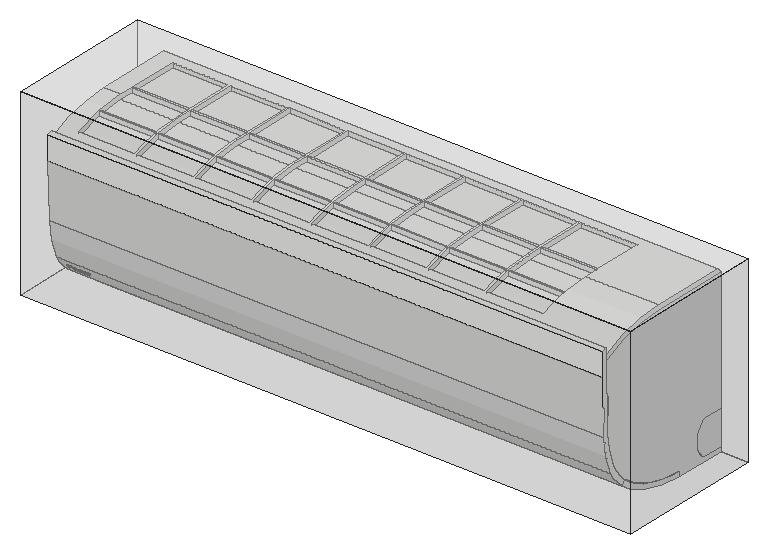
Revit family "outputfile", category 機械設備, Revit 2024
Family settings
  丸型コネクタ寸法 = 半径を使用
  パーツ タイプ = 標準
  OmniClass 番号 = 23.75.10.24.21.27.27
  OmniClass タイトル = Split System Air Conditioning Units
  作業面ベース = いいえ
  常に垂直 = はい
  ロード時にボイドで切り取り = いいえ
  注釈の向きを維持 = いいえ
  共有 = いいえ
  部屋計算ポイント = いいえ
Parameters (values of type "FTXF71W2VMA")
  Description = ""
  書き出し IFC クラス(タイプ) = "IfcUnitaryEquipmentType"
  定義済み IFC タイプ(タイプ) = "AIRCONDITIONINGUNIT"
  Cost = 0
  Type Comments = ""
  Keynote = ""
  Type Image = (empty or 0)
  Assembly Code = ""
  w_wall hole = if(Width = 770.0 mm, 48.0 mm, 60.0 mm)  # 60.0 mm
  製造元 = "Daikin"
  モデル = "FTXF71W2VMA"
  switch_frequency = yes
  r_Liquid Pipe Size = Liquid Pipe Size / 2  # 3.2 mm
  r_Gas Pipe Size = Gas Pipe Size / 2  # 6.35 mm
  r_Drain Pipe Size = Drain Pipe Size / 2  # 8.0 mm
  lw_powersupply [instance] = if(Width = 770.0 mm, if(or(Rear Right Connection_refrigerant, Bottom Right Connection_refrigerant), 25.0 mm, if(or(Rear Left Connection_refrigerant, Bottom Left Connection_refrigerant), 745.0 mm, 400.0 mm)), if(Width = 990.0 mm, if(or(Rear Right Connection_refrigerant, Bottom Right Connection_refrigerant), 40.0 mm, if(or(Rear Left Connection_refrigerant, Bottom Left Connection_refrigerant), 920.0 mm, 400.0 mm)), if(or(Rear Right Connection_refrigerant, Bottom Right Connection_refrigerant), 40.0 mm, if(or(Rear Left Connection_refrigerant, Bottom Left Connection_refrigerant), 920.0 mm, 400.0 mm))))  # 400.0 mm
  lw_liquidpipe [instance] = if(Width = 770.0 mm, if(or(Rear Right Connection_refrigerant, Bottom Right Connection_refrigerant), 0.0 mm, if(or(Rear Left Connection_refrigerant, Bottom Left Connection_refrigerant), 664.0 mm, 385.0 mm)), if(Width = 990.0 mm, if(or(Rear Right Connection_refrigerant, Bottom Right Connection_refrigerant), 0.0 mm, if(or(Rear Left Connection_refrigerant, Bottom Left Connection_refrigerant), 664.0 mm + (990.0 mm - 770.0 mm), 475.0 mm)), if(or(Rear Right Connection_refrigerant, Bottom Right Connection_refrigerant), 0.0 mm, if(or(Rear Left Connection_refrigerant, Bottom Left Connection_refrigerant), 664.0 mm + (990.0 mm - 770.0 mm), 475.0 mm))))  # 475.0 mm
  lw_gaspipe [instance] = if(Width = 770.0 mm, if(or(Rear Right Connection_refrigerant, Bottom Right Connection_refrigerant), 0.0 mm, if(or(Rear Left Connection_refrigerant, Bottom Left Connection_refrigerant), 675.0 mm, if(Gas Pipe Size = 12.7 mm, 335.0 mm, 335.0 mm))), if(Width = 990.0 mm, if(or(Rear Right Connection_refrigerant, Bottom Right Connection_refrigerant), 10.0 mm, if(or(Rear Left Connection_refrigerant, Bottom Left Connection_refrigerant), 890.0 mm, if(Gas Pipe Size = 15.9 mm, 400.0 mm, 400.0 mm))), if(or(Rear Right Connection_refrigerant, Bottom Right Connection_refrigerant), 10.0 mm, if(or(Rear Left Connection_refrigerant, Bottom Left Connection_refrigerant), 890.0 mm, if(Gas Pipe Size = 15.9 mm, 400.0 mm, 400.0 mm)))))  # 400.0 mm
  lw_drainpipe [instance] = if(Width = 770.0 mm, if(or(Rear Right Connection_refrigerant, Bottom Right Connection_refrigerant), 0.0 mm, if(or(Rear Left Connection_refrigerant, Bottom Left Connection_refrigerant), 770.0 mm - 48.0 mm - 48.0 mm, 440.0 mm)), if(Width = 990.0 mm, if(or(Rear Right Connection_refrigerant, Bottom Right Connection_refrigerant), 0.0 mm, if(or(Rear Left Connection_refrigerant, Bottom Left Connection_refrigerant), 675.0 mm + (990.0 mm - 770.0 mm), 435.0 mm)), if(or(Rear Right Connection_refrigerant, Bottom Right Connection_refrigerant), 0.0 mm, if(or(Rear Left Connection_refrigerant, Bottom Left Connection_refrigerant), 675.0 mm + (990.0 mm - 770.0 mm), 435.0 mm))))  # 435.0 mm
  l_powersupply_length [instance] = if(Width = 770.0 mm, if(Right Connection_refrigerant, 400.0 mm, if(Left Connection_refrigerant, 770.0 mm - 400.0 mm, if(or(Rear Left Connection_refrigerant, Rear Right Connection_refrigerant), 15.0 mm, 50.0 mm))), if(Width = 990.0 mm, if(Right Connection_refrigerant, 400.0 mm, if(Left Connection_refrigerant, 990.0 mm - 400.0 mm, if(or(Rear Left Connection_refrigerant, Rear Right Connection_refrigerant), 15.0 mm, 50.0 mm))), if(Right Connection_refrigerant, 400.0 mm, if(Left Connection_refrigerant, 990.0 mm - 400.0 mm, if(or(Rear Left Connection_refrigerant, Rear Right Connection_refrigerant), 15.0 mm, 50.0 mm)))))  # 400.0 mm
  l_liquidpipe_length [instance] = if(Width = 770.0 mm, if(Right Connection_refrigerant, 433.0 mm, if(Left Connection_refrigerant, 337.0 mm, if(or(Rear Left Connection_refrigerant, Rear Right Connection_refrigerant), 30.0 mm, 40.0 mm))), if(Width = 990.0 mm, if(Right Connection_refrigerant, 535.0 mm, if(Left Connection_refrigerant, 455.0 mm, if(or(Rear Left Connection_refrigerant, Rear Right Connection_refrigerant), 30.0 mm, 40.0 mm))), if(Right Connection_refrigerant, 535.0 mm, if(Left Connection_refrigerant, 455.0 mm, if(or(Rear Left Connection_refrigerant, Rear Right Connection_refrigerant), 30.0 mm, 40.0 mm)))))  # 535.0 mm
  l_gaspipe_length [instance] = if(Width = 770.0 mm, if(Right Connection_refrigerant, if(Gas Pipe Size = 12.7 mm, 383.0 mm, 383.0 mm), if(Left Connection_refrigerant, if(Gas Pipe Size = 12.7 mm, 770.0 mm - 383.0 mm, 770.0 mm - 383.0 mm), if(or(Rear Left Connection_refrigerant, Rear Right Connection_refrigerant), 40.0 mm, 50.0 mm))), if(Width = 990.0 mm, if(Right Connection_refrigerant, if(Gas Pipe Size = 15.9 mm, 460.0 mm, 460.0 mm), if(Left Connection_refrigerant, if(Gas Pipe Size = 15.9 mm, 990.0 mm - 460.0 mm, 990.0 mm - 460.0 mm), if(or(Rear Left Connection_refrigerant, Rear Right Connection_refrigerant), 40.0 mm, 50.0 mm))), if(Right Connection_refrigerant, if(Gas Pipe Size = 15.9 mm, 460.0 mm, 460.0 mm), if(Left Connection_refrigerant, if(Gas Pipe Size = 15.9 mm, 990.0 mm - 460.0 mm, 990.0 mm - 460.0 mm), if(or(Rear Left Connection_refrigerant, Rear Right Connection_refrigerant), 40.0 mm, 50.0 mm)))))  # 460.0 mm
  l_drainpipe_length [instance] = if(Width = 770.0 mm, if(Right Connection_refrigerant, 488.0 mm, if(Left Connection_refrigerant, 282.0 mm, if(or(Rear Left Connection_refrigerant, Rear Right Connection_refrigerant), 15.0 mm, 20.0 mm))), if(Width = 990.0 mm, if(Right Connection_refrigerant, 495.0 mm, if(Left Connection_refrigerant, 495.0 mm, if(or(Rear Left Connection_refrigerant, Rear Right Connection_refrigerant), 15.0 mm, 20.0 mm))), if(Right Connection_refrigerant, 495.0 mm, if(Left Connection_refrigerant, 495.0 mm, if(or(Rear Left Connection_refrigerant, Rear Right Connection_refrigerant), 15.0 mm, 20.0 mm)))))  # 495.0 mm
  h*** = 0.0 mm  # constant formula
  connector_voltage = Voltage_50Hz  # 230 V
  connector_powerinput = if([Power Input (Cooling)] > [Power Input (Heating)], [Power Input (Cooling)], [Power Input (Heating)])  # 0.000 kW
  connector_phase = Phase_50Hz  # 1
  angle_vertical [instance] = if(or(Bottom Left Connection_refrigerant, Bottom Right Connection_refrigerant), 0.00°, 90.00°)  # 90.00°
  angle_horizontal [instance] = if(Right Connection_refrigerant, 90.00°, if(Left Connection_refrigerant, -90.00°, if(or(Rear Left Connection_refrigerant, Rear Right Connection_refrigerant), 180.00°, 0.00°)))  # 90.00°
  Width = 990.0 mm
  Voltage_comment_50Hz = "220 - 240"
  Voltage_50Hz = 230 V
  Version = "ver.1.0"
  Unit Type = "Wall Mounted"
  Unit Mass Weight = 13.00 kg
  Unit Designation [instance] = ""
  Uniclass2015Version = "Products v1.30"
  Uniclass2015Title = "Split coil room air conditioning units"
  Uniclass2015Code = "Pr_70_65_03_86"
  URL = ""
  Total Heating Capacity [instance] = 0.000 kW
  Total Cooling Capacity [instance] = 0.000 kW
  Sound Pressure Level_M speed (dBA) = 45
  Sound Pressure Level_L speed (dBA) = 37
  Sound Pressure Level_H speed (dBA) = 49
  Sound Power Level_H speed (dB) = 0
  Series = "Single Split_Fan Coil Unit"
  Sensible Cooling Capacity [instance] = 0.000 kW
  Refrigerant Type = "R32"
  Power Input (Heating) = 0.000 kW
  Power Input (Cooling) = 0.000 kW
  Phase_50Hz = 1
  Option Accessory 3 [instance] = ""
  Option Accessory 2 [instance] = ""
  Option Accessory 1 [instance] = ""
  Nominal Heating Capacity = 8.000 kW
  Nominal Cooling Capacity = 7.100 kW
  Minimum Circuit Amps_50Hz = 0.0 A
  Minimum Airflow = 780.00 m³/h
  Median Airflow = 1020.00 m³/h
  Maximum Fuse Amps_50Hz = 0.0 A
  Maximum Airflow = 1260.00 m³/h
  Material_Casing = DAIKIN_PureWhite_Casing_indoorunit
  Load Classification = HVAC
  Liquid Pipe Size = 6.4 mm
  Link_Nested Family [instance] = ""
  IfcVersion = ""
  IfcExportType = "AIRCONDITIONINGUNIT"
  IfcExportAs = "IfcUnitaryEquipmentType"
  Height = 295.0 mm
  Heating Entering Wet Bulb Temperature [instance] = 0.00 °C
  Heating Entering Dry Bulb Temperature [instance] = 0.00 °C
  Heating Ambient Wet Bulb Temperature [instance] = 0.00 °C
  Heating Ambient Dry Bulb Temperature [instance] = 0.00 °C
  Heat Exchanger Type = "Cross Fin Coil"
  Gas Pipe Size = 12.7 mm
  Frequency_50Hz = 50 Hz
  Fan Type = "Cross Flow Fan"
  Fan Drive = "Direct Drive"
  FCU Tag No. [instance] = ""
  Drain Pipe Size = 16.0 mm
  Design Supply Airflow [instance] = 0.00 m³/h
  Depth = 263.0 mm
  既定の高さ = 0.0 mm
  Cooling Entering Wet Bulb Temperature [instance] = 0.00 °C
  Cooling Entering Dry Bulb Temperature [instance] = 0.00 °C
  Cooling Ambient Wet Bulb Temperature [instance] = 0.00 °C
  Cooling Ambient Dry Bulb Temperature [instance] = 0.00 °C
  Clearance visibility [instance] = yes
  Clearance Top = 30.0 mm
  Clearance Right = 50.0 mm
  Clearance Rear = 0.0 mm
  Clearance Left = 50.0 mm
  Clearance Front = 0.0 mm
  Clearance Bottom = 0.0 mm
  Bottom Right Connection_refrigerant [instance] = no
  Bottom Left Connection_refrigerant [instance] = no
  Rear Right Connection_refrigerant [instance] = no
  Rear Left Connection_refrigerant [instance] = no
  Right Connection_refrigerant [instance] = yes
  Left Connection_refrigerant [instance] = no
Reference planes
  plane 1 "Back": y = 0
  plane 2: z = 0
  plane 3 "Center (Left/Right)": x = 0
  plane 4 "Center (Front/Back)": y = -131.5
  plane 5 "Front": y = -263
  plane 6 "Left": x = -495
  plane 7 "Right": x = 495
  plane 8 "Top": z = 0
  plane 9 "Bottom": z = -295
  plane 10: x = -545
  plane 11: x = 545
  plane 12: y = 0
  plane 13: y = -263
  plane 14: z = 30
  plane 15: z = -295
  plane 16 "lw_Piping and Wiring intake": x = 435
  plane 17 "lw_gaspipe": x = 35
  plane 18 "lw_liquidpipe": x = -40
  plane 19 "lw_drainpipe": x = 0
  plane 20 "lh_drainpipe": z = -275
  plane 21 "lh_liquidpipe": z = -255
  plane 22 "lh_gaspipe": z = -245
  plane 23 "ld_drainpipe": y = -15
  plane 24 "ld_liquidpipe": y = -30
  plane 25 "ld_gaspipe": y = -40
  plane 26 "lw_powersupply": x = 95
Dimensions and locks
  equal spacing: plane 6 "Left", plane 3 "Center (Left/Right)", plane 7 "Right"
  "Width": plane 6 "Left" to plane 7 "Right"
  equal spacing: plane 5 "Front", plane 4 "Center (Front/Back)", plane 1 "Back"
  "Depth": plane 5 "Front" to plane 1 "Back"
  "Height": plane 8 "Top" to plane 9 "Bottom"
  "Clearance Rear": plane 12 to plane 1 "Back"
  "Clearance Front": plane 13 to plane 5 "Front"
  "Clearance Top": plane 14 to plane 8 "Top"
  "Clearance Bottom": plane 9 "Bottom" to plane 15
  "w_wall hole": plane 16 "lw_Piping and Wiring intake" to plane 7 "Right"
  "lw_gaspipe": plane 17 "lw_gaspipe" to plane 16 "lw_Piping and Wiring intake"
  "lw_liquidpipe": plane 18 "lw_liquidpipe" to plane 16 "lw_Piping and Wiring intake"
  "lw_drainpipe": plane 19 "lw_drainpipe" to plane 16 "lw_Piping and Wiring intake"
  locked: plane 20 "lh_drainpipe" to plane 9 "Bottom" at 20
  locked: plane 21 "lh_liquidpipe" to plane 9 "Bottom" at 40
  locked: plane 22 "lh_gaspipe" to plane 9 "Bottom" at 50
  locked: plane 23 "ld_drainpipe" to plane 1 "Back" at 15
  locked: plane 1 "Back" to plane 24 "ld_liquidpipe" at 30
  locked: plane 1 "Back" to plane 25 "ld_gaspipe" at 40
  "lw_powersupply": plane 26 "lw_powersupply" to plane 7 "Right"
  "Clearance Left": plane 10 to plane 6 "Left"
  "Clearance Right": plane 7 "Right" to plane 11
  aligned and locked: level to plane 2
  aligned and locked: plane 12 to nested 1
  aligned and locked: nested 1 to plane 13
  aligned and locked: plane 10 to nested 1
  aligned and locked: plane 11 to nested 1
  aligned and locked: plane 15 to nested 1
  aligned and locked: plane 14 to nested 1
  aligned and locked: plane 17 "lw_gaspipe" to nested 2
  aligned and locked: nested 2 to plane 25 "ld_gaspipe"
  aligned and locked: plane 18 "lw_liquidpipe" to nested 3
  aligned and locked: nested 3 to plane 24 "ld_liquidpipe"
  aligned and locked: plane 19 "lw_drainpipe" to nested 4
  aligned and locked: nested 4 to plane 23 "ld_drainpipe"
  aligned and locked: nested 5 to plane 23 "ld_drainpipe"
  aligned and locked: plane 26 "lw_powersupply" to nested 5
  aligned and locked: level to plane 8 "Top"
  aligned and locked: plane 3 "Center (Left/Right)" to nested 6
  aligned and locked: plane 1 "Back" to nested 6
  aligned and locked: plane 8 "Top" to nested 6
Nested families
  nested 1: "daikin_clearancespace" at (0, -131.5, -132.381), show <- "Clearance visibility", visible <- "Clearance visibility", Link_Nested Family <- "Link_Nested Family", type "daikin_clearancespace"
    with width 1090.0 mm, show yes, height 325.0 mm, depth 263.0 mm, Link_Nested Family ""
  nested 2: "daikin_connector_rotate3" at (35, -40, -245), angle_vertical <- "angle_vertical", angle_horizontal <- "angle_horizontal", length <- "l_gaspipe_length", radius <- "r_Gas Pipe Size", type "daikin_connector_rotate3"
    with show no, radius 6.35 mm, length 460.0 mm, angle_vertical 90.00°, angle_horizontal 90.00°
  nested 3: "daikin_connector_rotate3" at (-40, -30, -255), angle_vertical <- "angle_vertical", angle_horizontal <- "angle_horizontal", radius <- "r_Liquid Pipe Size", length <- "l_liquidpipe_length", type "daikin_connector_rotate3"
    with show no, radius 3.2 mm, length 535.0 mm, angle_vertical 90.00°, angle_horizontal 90.00°
  nested 4: "daikin_connector_rotate3" at (0, -15, -275), angle_vertical <- "angle_vertical", angle_horizontal <- "angle_horizontal", length <- "l_drainpipe_length", radius <- "r_Drain Pipe Size", type "daikin_connector_rotate3"
    with show no, radius 8.0 mm, length 495.0 mm, angle_vertical 90.00°, angle_horizontal 90.00°
  nested 5: "daikin_connector_rotate3" at (95, -15, -245), angle_vertical <- "angle_vertical", angle_horizontal <- "angle_horizontal", length <- "l_powersupply_length", type "daikin_connector_rotate3"
    with show no, radius 10.0 mm, length 400.0 mm, angle_vertical 90.00°, angle_horizontal 90.00°
  nested 6: "DAIKIN_indoorunit_FTXF-W2VMA" at (-31, 0, 0), type "FTXF-W2VMA"
    with switch_unit1_60-71 yes, switch_unit1_20-50 no, Width 990.0 mm, WALL HOLE-R 60.0 mm, WALL HOLE Size 80.0 mm, Height 295.0 mm
Connectors
  piping at (495, -40, -245), diameter 12.7, driven by "r_Gas Pipe Size"
    settings: on nested 2, index 1, connector inside diameter 609.6 mm, connector length 0.0 mm, flow factor 0, pipe flow 0.00 m³/h, pressure drop 0.0 Pa, fitting loss kfactor 0, connector angle 0.00°, fixture units 0, engagement length 0.0 mm, angle of deflection 0.00°, flow configuration 1, flow direction 2, fitting loss method 0, system type 29, joint type 0, gender type 0, connector reference index -1, connector utility 0, adjustable connector no, is connector primary yes, connector description "Refrigerant Gas Piping"
  piping at (495, -30, -255), diameter 6.4, driven by "r_Liquid Pipe Size"
    settings: on nested 3, index 2, connector inside diameter 609.6 mm, connector length 0.0 mm, flow factor 0, pipe flow 0.00 m³/h, pressure drop 0.0 Pa, fitting loss kfactor 0, connector angle 0.00°, fixture units 0, engagement length 0.0 mm, angle of deflection 0.00°, flow configuration 1, flow direction 1, fitting loss method 0, system type 29, joint type 0, gender type 0, connector reference index -1, connector utility 0, adjustable connector no, is connector primary no, connector description "Refrigerant Liquid Piping"
  piping at (495, -15, -275), diameter 16, driven by "r_Drain Pipe Size"
    settings: on nested 4, index 3, connector inside diameter 609.6 mm, connector length 0.0 mm, flow factor 0, pipe flow 0.00 m³/h, pressure drop 0.0 Pa, fitting loss kfactor 0, connector angle 0.00°, fixture units 0, engagement length 0.0 mm, angle of deflection 0.00°, flow configuration 1, flow direction 2, fitting loss method 4, system type 16, joint type 0, gender type 0, connector reference index -1, connector utility 0, adjustable connector no, is connector primary no, connector description "Condensate Drain Piping"
  electrical at (495, -15, -245), driven by "Load Classification", driven by "connector_powerinput", driven by "connector_voltage", driven by "connector_phase"
    settings: on nested 5, index 4, voltage 230 V, apparent load 0 VA, apparent load phase1 0 VA, apparent load phase2 0 VA, apparent load phase3 0 VA, power factor 1, load classification "HVAC", number of poles 1, system type 30, power factor state 1, is connector primary yes, connector utility no, sub classification motor no, connector description "Power Supply"
Definition of nested family "daikin_clearancespace"
  Parameters (values of type "daikin_clearancespace")
    Description = "daikin_clearancespace"
    width [instance] = 1823.963 mm
    show [instance] = yes
    material = none
    height [instance] = 1359.762 mm
    depth [instance] = 880.0 mm
    Default Elevation = 0.0 mm
    Link_Nested Family [instance] = ""
  Reference planes
    plane 1 "Center (Front/Back)": y = 0
    plane 2 "Center (Elevation)": z = -0.119
    plane 3 "Center (Left/Right)": x = 0
    plane 4: y = 440
    plane 5: y = -440
    plane 6 "Right": x = 911.982
    plane 7 "Left": x = -911.982
    plane 8 "Top": z = 679.762
    plane 9 "Bottom": z = -680
  Forms (mm)
    Extrusion 1, solid, material <- "material", visible <- "show"
      sketch origin (0, 0, 0) x (1, 0, 0) y (0, 1, 0)
        loop
          line (-911.982, 440) -> (-911.982, -440) -> (911.982, -440) -> (911.982, 440) -> (-911.982, 440)
      from -680 to 679.762
  Lines and regions (mm)
    symbolic lines, visible <- "show"
      curve 1: line (911.982, 440, 0) -> (-911.982, 440, 0)
      curve 2: line (-911.982, 440, 0) -> (-911.982, -440, 0)
      curve 3: line (-911.982, -440, 0) -> (911.982, -440, 0)
      curve 4: line (911.982, -440, 0) -> (911.982, 440, 0)
      curve 5: line (911.982, 0, 679.762) -> (-911.982, 0, 679.762)
      curve 6: line (911.982, 0, -680) -> (911.982, 0, 679.762)
      curve 7: line (-911.982, 0, -680) -> (911.982, 0, -680)
      curve 8: line (-911.982, 0, 679.762) -> (-911.982, 0, -680)
      curve 9: line (0, 440, 679.762) -> (0, -440, 679.762)
      curve 10: line (0, -440, 679.762) -> (0, -440, -680)
      curve 11: line (0, 440, -680) -> (0, 440, 679.762)
      curve 12: line (0, -440, -680) -> (0, 440, -680)
  Dimensions and locks
    "width": plane 7 "Left" to plane 6 "Right"
    "depth": plane 4 to plane 5
    "height": plane 8 "Top" to plane 9 "Bottom"
    equal spacing: plane 7 "Left", plane 3 "Center (Left/Right)", plane 6 "Right"
    equal spacing: plane 4, plane 1 "Center (Front/Back)", plane 5
    equal spacing: plane 8 "Top", plane 2 "Center (Elevation)", plane 9 "Bottom"
    aligned and locked: level to plane 2 "Center (Elevation)"
    aligned and locked: Extrusion 1 sketch curve to plane 4
    aligned and locked: plane 7 "Left" to Extrusion 1 sketch curve
    aligned and locked: Extrusion 1 sketch curve to plane 5
    aligned and locked: Extrusion 1 sketch curve to plane 6 "Right"
    aligned and locked: plane 8 "Top" to Extrusion 1
    aligned and locked: curve 1 to Extrusion 1
    aligned and locked: curve 2 to Extrusion 1
    aligned and locked: curve 3 to Extrusion 1
    aligned and locked: curve 4 to Extrusion 1
    aligned and locked: curve 5 to Extrusion 1
    aligned and locked: curve 6 to Extrusion 1
    aligned and locked: curve 7 to Extrusion 1
    aligned and locked: curve 8 to Extrusion 1
    aligned and locked: curve 9 to Extrusion 1
    aligned and locked: curve 10 to Extrusion 1
    aligned and locked: curve 11 to Extrusion 1
    aligned and locked: curve 12 to Extrusion 1
    aligned and locked: Extrusion 1 to plane 9 "Bottom"
Definition of nested family "DAIKIN_indoorunit_FTXF-W2VMA"
  Parameters (values of type "FTKF-TVMA")
    switch_unit1_60-71 = Width = 990.0 mm  # no
    switch_unit1_20-50 = Width = 770.0 mm  # yes
    Width = 770.0 mm
    WALL HOLE-R = if(Width = 770.0 mm, 48.0 mm, 60.0 mm)  # 48.0 mm
    WALL HOLE Size = if(Width = 770.0 mm, 65.0 mm, 80.0 mm)  # 65.0 mm
    Material_Casing = none
    Height = if(Width = 770.0 mm, 285.0 mm, 295.0 mm)  # 285.0 mm
    Default Elevation = 0.0 mm
  Reference planes
    plane 1 "Center (Front/Back)": y = 0
    plane 2 "reference_level": z = 0
    plane 3 "Center (Left/Right)": x = 31
    plane 4: x = -354
    plane 5: x = 416
    plane 6: z = -285
  Forms (mm)
    Extrusion 1, solid, material <- "Material_Casing", visible <- "switch_unit1_20-50"
      sketch origin (29, 0, 0) x (0, 1, 0) y (0, 0, 1)
        loop
          line (-5, 0) -> (-98, 0)
          arc (-98, 0) -> (-157.611, -7.211) -> (-213.783, -28.427) r 250
          arc (-213.783, -28.427) -> (-213.842, -32.972) -> (-213.892, -37.516) r 2191
          arc (-213.892, -37.516) -> (-157.832, -15.495) -> (-98.07, -8) r 242
          line (-98.07, -8) -> (0, -8) -> (-5, 0)
      from -383 to 387
    Extrusion 2, solid, material <- "Material_Casing", visible <- "switch_unit1_20-50"
      sketch origin (416, 1296.25, 1200) x (0, 1, 0) y (0, 0, 1)
        loop
          line (-1472.998, -1446.91) -> (-1476.998, -1453.839)
          arc (-1476.998, -1453.839) -> (-1437.481, -1472.422) -> (-1395.25, -1483.538) r 240
          line (-1395.25, -1483.538) -> (-1395.25, -1475.422)
          arc (-1395.25, -1475.422) -> (-1435.407, -1464.663) -> (-1472.998, -1446.91) r 232
      from 0 to -47.5
    Extrusion 3, solid, material <- "Material_Casing", visible <- "switch_unit1_20-50"
      sketch origin (29, 0, 0) x (0, 1, 0) y (0, 0, 1)
        loop
          arc (-223, -60.455) -> (-222.414, -110.646) -> (-220.656, -160.81) r 2149.92
          arc (-220.656, -160.81) -> (-219.65, -174.299) -> (-217.853, -187.706) r 229.911
          arc (-217.853, -187.706) -> (-205.371, -223.594) -> (-181.517, -253.17) r 111
          line (-181.517, -253.17) -> (-177.429, -246.093)
          arc (-177.429, -246.093) -> (-198.77, -218.989) -> (-209.965, -186.36) r 103
          arc (-209.965, -186.36) -> (-211.681, -173.586) -> (-212.651, -160.735) r 221.844
          arc (-212.651, -160.735) -> (-214.739, -93.233) -> (-214.74, -25.699) r 2186.828
          arc (-214.74, -25.699) -> (-214.671, -21.467) -> (-214.594, -17.235) r 2192
          line (-214.594, -17.235) -> (-223, -19.961) -> (-223, -60.455)
      from -383 to 387
    Extrusion 4, solid, material <- "Material_Casing", visible <- "switch_unit1_20-50"
      sketch origin (29, 0, -20) x (0, 1, 0) y (0, 0, 1)
        loop
          line (0, -265) -> (0, 12) -> (-98.07, 12)
          arc (-98.07, 12) -> (-157.832, 4.505) -> (-213.892, -17.516) r 242
          arc (-213.892, -17.516) -> (-213.638, -79.114) -> (-211.653, -140.681) r 2191
          arc (-211.653, -140.681) -> (-210.685, -153.501) -> (-208.973, -166.243) r 221
          arc (-208.973, -166.243) -> (-197.471, -199.282) -> (-175.482, -226.491) r 102
          arc (-175.482, -226.491) -> (-138.004, -244.019) -> (-98, -254.579) r 231
          line (-98, -254.579) -> (-98, -265) -> (0, -265)
      from -383 to 387
    Extrusion 5, solid, material <- "Material_Casing", visible <- "switch_unit1_20-50"
      sketch origin (-354, 1296.25, 1200) x (0, 1, 0) y (0, 0, 1)
        loop
          line (-1472.998, -1446.91) -> (-1476.998, -1453.839)
          arc (-1476.998, -1453.839) -> (-1437.481, -1472.422) -> (-1395.25, -1483.538) r 240
          line (-1395.25, -1483.538) -> (-1395.25, -1475.422)
          arc (-1395.25, -1475.422) -> (-1435.407, -1464.663) -> (-1472.998, -1446.91) r 232
      from 47 to 0
    Extrusion 6, solid, material <- "Material_Casing", visible <- "switch_unit1_20-50"
      sketch origin (416, 1296.25, 1200) x (0, 1, 0) y (0, 0, 1)
        loop
          line (-1472.998, -1446.91) -> (-1476.998, -1453.839)
          arc (-1476.998, -1453.839) -> (-1443.437, -1470.168) -> (-1407.75, -1481.097) r 240
          line (-1407.75, -1481.097) -> (-1407.75, -1472.894)
          arc (-1407.75, -1472.894) -> (-1441.363, -1462.385) -> (-1472.998, -1446.91) r 232
      from -116.993 to -48.493
    Extrusion 7, solid, material <- "Material_Casing", visible <- "switch_unit1_20-50"
      sketch origin (416, 1296.25, 1200) x (0, 1, 0) y (0, 0, 1)
        loop
          line (-1472.998, -1446.91) -> (-1476.998, -1453.839)
          arc (-1476.998, -1453.839) -> (-1443.437, -1470.168) -> (-1407.75, -1481.097) r 240
          line (-1407.75, -1481.097) -> (-1407.75, -1472.894)
          arc (-1407.75, -1472.894) -> (-1441.363, -1462.385) -> (-1472.998, -1446.91) r 232
      from -717 to -121.993
    Extrusion 8, void
      sketch origin (31, 0, -235) x (1, 0, 0) y (0, 1, 0)
        loop
          line (-252.674, -22.316) -> (-354.941, -22.316) -> (-354.941, -91.341) -> (-252.674, -91.341) -> (-252.674, -22.316)
        loop
          line (-249.341, -91.341) -> (-151.574, -91.341) -> (-151.574, -22.316) -> (-249.341, -22.316) -> (-249.341, -91.341)
        loop
          line (58.309, -22.316) -> (-148.309, -22.316) -> (-148.309, -91.341) -> (58.309, -91.341) -> (58.309, -22.316)
        loop
          line (61.689, -22.316) -> (61.689, -91.341) -> (159.457, -91.341) -> (159.457, -22.316) -> (61.689, -22.316)
        loop
          line (162.789, -22.316) -> (162.789, -91.341) -> (265.057, -91.341) -> (265.057, -22.316) -> (162.789, -22.316)
        loop
          line (-354.941, -94.659) -> (-354.941, -165.259) -> (-252.674, -165.259) -> (-252.674, -94.659) -> (-354.941, -94.659)
        loop
          line (-249.341, -94.659) -> (-249.341, -165.259) -> (-151.574, -165.259) -> (-151.574, -94.659) -> (-249.341, -94.659)
        loop
          line (-148.309, -94.659) -> (-148.309, -165.259) -> (58.309, -165.259) -> (58.309, -94.659) -> (-148.309, -94.659)
        loop
          line (61.689, -94.659) -> (61.689, -165.259) -> (159.457, -165.259) -> (159.457, -94.659) -> (61.689, -94.659)
        loop
          line (162.789, -94.659) -> (162.789, -165.259) -> (265.057, -165.259) -> (265.057, -94.659) -> (162.789, -94.659)
        loop
          line (-354.941, -167.382) -> (-354.941, -192.681) -> (-252.674, -192.681) -> (-252.674, -167.382) -> (-354.941, -167.382)
        loop
          line (-249.341, -167.382) -> (-249.341, -192.681) -> (-151.574, -192.681) -> (-151.574, -167.382) -> (-249.341, -167.382)
        loop
          line (-148.309, -167.382) -> (-148.309, -192.681) -> (58.309, -192.681) -> (58.309, -167.382) -> (-148.309, -167.382)
        loop
          line (159.457, -167.382) -> (61.689, -167.382) -> (61.689, -192.681) -> (159.457, -192.681) -> (159.457, -167.382)
        loop
          line (265.057, -167.382) -> (162.789, -167.382) -> (162.789, -192.681) -> (265.057, -192.681) -> (265.057, -167.382)
      from 201.638 to 250
    Extrusion 9, solid, material <- "Material_Casing"
      sketch origin (31, 0, 0) x (1, 0, 0) y (0, 0, 1)
        loop
          circle (337, -240.5) r 32.5
        loop
          circle (-337, -240.5) r 32.5
      from 0 to 5
    Extrusion 10, solid, material <- "Material_Casing", visible <- "switch_unit1_20-50"
      sketch origin (416, 1296.25, 1200) x (0, -1, 0) y (0, 0, 1)
        loop
          line (1326.25, -1417) -> (1296.25, -1417) -> (1296.25, -1477) -> (1326.25, -1477)
          arc (1326.25, -1477) -> (1340.393, -1471.142) -> (1346.25, -1457) r 20
          line (1346.25, -1457) -> (1346.25, -1437)
          arc (1346.25, -1437) -> (1340.393, -1422.858) -> (1326.25, -1417) r 20
      from 0 to 5
    Extrusion 11, solid, material <- "Material_Casing", visible <- "switch_unit1_20-50"
      sketch origin (-354, 1296.25, 1200) x (0, 1, 0) y (0, 0, 1)
        loop
          line (-1296.25, -1417) -> (-1326.25, -1417)
          arc (-1326.25, -1417) -> (-1340.393, -1422.858) -> (-1346.25, -1437) r 20
          line (-1346.25, -1437) -> (-1346.25, -1457)
          arc (-1346.25, -1457) -> (-1340.393, -1471.142) -> (-1326.25, -1477) r 20
          line (-1326.25, -1477) -> (-1296.25, -1477) -> (-1296.25, -1417)
      from 0 to 5
    Extrusion 12, solid, material <- "Material_Casing", visible <- "switch_unit1_20-50"
      sketch origin (31, 0, -285) x (-1, 0, 0) y (0, -1, 0)
        loop
          line (-314, 0) -> (-314, 30)
          arc (-314, 30) -> (-319.858, 44.142) -> (-334, 50) r 20
          line (-334, 50) -> (-354, 50)
          arc (-354, 50) -> (-368.142, 44.142) -> (-374, 30) r 20
          line (-374, 30) -> (-374, 0) -> (-314, 0)
        loop
          line (374, 0) -> (374, 30)
          arc (374, 30) -> (368.142, 44.142) -> (354, 50) r 20
          line (354, 50) -> (334, 50)
          arc (334, 50) -> (319.858, 44.142) -> (314, 30) r 20
          line (314, 30) -> (314, 0) -> (374, 0)
      from 0 to 5
    Extrusion 13, solid, material <- "Material_Casing", visible <- "switch_unit1_60-71"
      sketch origin (31, 0, 0) x (0, 1, 0) y (0, 0, 1)
        loop
          line (-5, 0) -> (-138, 0)
          arc (-138, 0) -> (-197.611, -7.211) -> (-253.783, -28.427) r 250
          arc (-253.783, -28.427) -> (-253.838, -32.687) -> (-253.886, -36.946) r 2191
          arc (-253.886, -36.946) -> (-197.73, -15.346) -> (-138.014, -8) r 246.393
          line (-138.014, -8) -> (0, -8) -> (-5, 0)
      from -495 to 495
    Extrusion 14, solid, material <- "Material_Casing", visible <- "switch_unit1_60-71"
      sketch origin (418, 1296.25, 1200) x (0, 1, 0) y (0, 0, 1)
        loop
          arc (-1515.208, -1454.149) -> (-1506.856, -1460.599) -> (-1497.925, -1466.219) r 110
          arc (-1497.925, -1466.219) -> (-1445.718, -1487.493) -> (-1389.844, -1494.995) r 223
          line (-1389.844, -1494.995) -> (-1389.844, -1486.086) -> (-1404.386, -1486.086)
          arc (-1404.386, -1486.086) -> (-1449.542, -1477.46) -> (-1491.818, -1459.402) r 214.289
          arc (-1491.818, -1459.402) -> (-1501.056, -1453.541) -> (-1509.606, -1446.715) r 101
          line (-1509.606, -1446.715) -> (-1515.208, -1454.149)
      from 108 to 57.5
    Extrusion 15, solid, material <- "Material_Casing", visible <- "switch_unit1_60-71"
      sketch origin (31, 0, 0) x (0, 1, 0) y (0, 0, 1)
        loop
          line (-263, -19.962) -> (-263, -61.6)
          arc (-263, -61.6) -> (-262.414, -110.219) -> (-260.656, -158.81) r 2017.341
          arc (-260.656, -158.81) -> (-255.648, -191.935) -> (-244.041, -223.362) r 164.725
          arc (-244.041, -223.362) -> (-233.569, -239.793) -> (-219.717, -253.495) r 87.379
          line (-219.717, -253.495) -> (-214.706, -246.846)
          arc (-214.706, -246.846) -> (-229.564, -230.029) -> (-240.385, -210.371) r 102
          arc (-240.385, -210.371) -> (-249.049, -182.962) -> (-252.848, -154.467) r 165.789
          arc (-252.848, -154.467) -> (-254.771, -90.102) -> (-254.74, -25.708) r 2122.533
          arc (-254.74, -25.708) -> (-254.671, -21.469) -> (-254.594, -17.23) r 2192
          line (-254.594, -17.23) -> (-263, -19.962)
      from -495 to 495
    Extrusion 16, void
      sketch origin (33, 0, 0) x (1, 0, 0) y (0, 1, 0)
        loop
          line (-466.909, -22.316) -> (-466.909, -111.341) -> (-366.303, -111.341) -> (-366.303, -22.316) -> (-466.909, -22.316)
        loop
          line (-362.71, -22.316) -> (-362.71, -111.341) -> (-262.103, -111.341) -> (-262.103, -22.316) -> (-362.71, -22.316)
        loop
          line (-258.51, -22.316) -> (-258.51, -111.341) -> (-157.904, -111.341) -> (-157.904, -22.316) -> (-258.51, -22.316)
        loop
          line (-154.31, -22.316) -> (-154.31, -111.341) -> (-53.704, -111.341) -> (-53.704, -22.316) -> (-154.31, -22.316)
        loop
          line (-50.11, -22.316) -> (-50.11, -111.341) -> (50.496, -111.341) -> (50.496, -22.316) -> (-50.11, -22.316)
        loop
          line (54.089, -22.316) -> (54.089, -111.341) -> (154.696, -111.341) -> (154.696, -22.316) -> (54.089, -22.316)
        loop
          line (158.289, -22.316) -> (158.289, -111.341) -> (258.895, -111.341) -> (258.895, -22.316) -> (158.289, -22.316)
        loop
          line (262.489, -22.316) -> (262.489, -111.341) -> (363.095, -111.341) -> (363.095, -22.316) -> (262.489, -22.316)
        loop
          line (-466.909, -114.459) -> (-466.909, -185.059) -> (-366.303, -185.059) -> (-366.303, -114.459) -> (-466.909, -114.459)
        loop
          line (-362.71, -114.459) -> (-362.71, -185.059) -> (-262.103, -185.059) -> (-262.103, -114.459) -> (-362.71, -114.459)
        loop
          line (-258.51, -114.459) -> (-258.51, -185.059) -> (-157.904, -185.059) -> (-157.904, -114.459) -> (-258.51, -114.459)
        loop
          line (-154.31, -114.459) -> (-154.31, -185.059) -> (-53.704, -185.059) -> (-53.704, -114.459) -> (-154.31, -114.459)
        loop
          line (-50.11, -114.459) -> (-50.11, -185.059) -> (50.496, -185.059) -> (50.496, -114.459) -> (-50.11, -114.459)
        loop
          line (54.089, -114.459) -> (54.089, -185.059) -> (154.696, -185.059) -> (154.696, -114.459) -> (54.089, -114.459)
        loop
          line (158.289, -114.459) -> (158.289, -185.059) -> (258.895, -185.059) -> (258.895, -114.459) -> (158.289, -114.459)
        loop
          line (262.489, -114.459) -> (262.489, -185.059) -> (363.095, -185.059) -> (363.095, -114.459) -> (262.489, -114.459)
        loop
          line (-466.909, -187.382) -> (-466.909, -232.681) -> (-366.303, -232.681) -> (-366.303, -187.382) -> (-466.909, -187.382)
        loop
          line (-362.71, -187.382) -> (-362.71, -232.681) -> (-262.103, -232.681) -> (-262.103, -187.382) -> (-362.71, -187.382)
        loop
          line (-258.51, -187.382) -> (-258.51, -232.681) -> (-157.904, -232.681) -> (-157.904, -187.382) -> (-258.51, -187.382)
        loop
          line (-154.31, -187.382) -> (-154.31, -232.681) -> (-53.704, -232.681) -> (-53.704, -187.382) -> (-154.31, -187.382)
        loop
          line (-50.11, -187.382) -> (-50.11, -232.681) -> (50.496, -232.681) -> (50.496, -187.382) -> (-50.11, -187.382)
        loop
          line (54.089, -187.382) -> (54.089, -232.681) -> (154.696, -232.681) -> (154.696, -187.382) -> (54.089, -187.382)
        loop
          line (158.289, -187.382) -> (158.289, -232.681) -> (258.895, -232.681) -> (258.895, -187.382) -> (158.289, -187.382)
        loop
          line (262.489, -187.382) -> (262.489, -232.681) -> (363.095, -232.681) -> (363.095, -187.382) -> (262.489, -187.382)
      from -40.013 to 47.268
    Extrusion 17, solid, material <- "Material_Casing", visible <- "switch_unit1_60-71"
      sketch origin (-356, 1296.25, 1200) x (0, 1, 0) y (0, 0, -1)
        loop
          line (-1515.208, 1454.149) -> (-1509.606, 1446.715)
          arc (-1509.606, 1446.715) -> (-1501.056, 1453.541) -> (-1491.818, 1459.402) r 101
          arc (-1491.818, 1459.402) -> (-1449.542, 1477.46) -> (-1404.386, 1486.086) r 214.289
          line (-1404.386, 1486.086) -> (-1389.844, 1486.086) -> (-1389.844, 1494.995)
          arc (-1389.844, 1494.995) -> (-1445.718, 1487.493) -> (-1497.925, 1466.219) r 223
          arc (-1497.925, 1466.219) -> (-1506.856, 1460.599) -> (-1515.208, 1454.149) r 110
      from 108 to 61
    Extrusion 18, solid, material <- "Material_Casing", visible <- "switch_unit1_60-71"
      sketch origin (418, 1296.25, 1200) x (0, 1, 0) y (0, 0, 1)
        loop
          arc (-1515.208, -1454.149) -> (-1506.856, -1460.599) -> (-1497.925, -1466.219) r 110
          arc (-1497.925, -1466.219) -> (-1463.185, -1482.066) -> (-1426.25, -1491.755) r 223
          line (-1426.25, -1491.755) -> (-1426.25, -1483.166)
          arc (-1426.25, -1483.166) -> (-1460.008, -1473.969) -> (-1491.818, -1459.402) r 214.289
          arc (-1491.818, -1459.402) -> (-1501.056, -1453.541) -> (-1509.606, -1446.715) r 101
          line (-1509.606, -1446.715) -> (-1515.208, -1454.149)
      from 56.5 to -36.993
    Extrusion 19, solid, material <- "Material_Casing", visible <- "switch_unit1_60-71"
      sketch origin (418, 1296.25, 1200) x (0, 1, 0) y (0, 0, 1)
        loop
          arc (-1426.25, -1483.166) -> (-1443.442, -1479.224) -> (-1460.25, -1473.881) r 214.289
          line (-1460.25, -1473.881) -> (-1460.25, -1483.089)
          arc (-1460.25, -1483.089) -> (-1443.421, -1488.091) -> (-1426.25, -1491.755) r 223
          line (-1426.25, -1491.755) -> (-1426.25, -1483.166)
      from -43.493 to -828.893
    Extrusion 20, solid, material <- "Material_Casing", visible <- "switch_unit1_60-71"
      sketch origin (418, 1296.25, 1200) x (0, 1, 0) y (0, 0, 1)
        loop
          arc (-1515.208, -1454.149) -> (-1506.856, -1460.599) -> (-1497.925, -1466.219) r 110
          arc (-1497.925, -1466.219) -> (-1479.479, -1475.527) -> (-1460.25, -1483.089) r 223
          line (-1460.25, -1483.089) -> (-1460.25, -1473.881)
          arc (-1460.25, -1473.881) -> (-1476.328, -1467.282) -> (-1491.818, -1459.402) r 214.289
          arc (-1491.818, -1459.402) -> (-1501.056, -1453.541) -> (-1509.606, -1446.715) r 101
          line (-1509.606, -1446.715) -> (-1515.208, -1454.149)
      from -43.493 to -828.893
    Extrusion 21, solid, material <- "Material_Casing", visible <- "switch_unit1_60-71"
      sketch origin (31, 0, -30) x (0, 1, 0) y (0, 0, 1)
        loop
          line (0, 22) -> (-138.014, 22)
          arc (-138.014, 22) -> (-197.73, 14.654) -> (-253.886, -6.946) r 246.393
          arc (-253.886, -6.946) -> (-253.682, -65.635) -> (-251.855, -124.295) r 2120.935
          arc (-251.855, -124.295) -> (-248.086, -152.682) -> (-239.461, -179.988) r 164.789
          arc (-239.461, -179.988) -> (-228.903, -199.231) -> (-214.437, -215.738) r 101
          line (-214.437, -215.738) -> (-212.406, -216.221)
          arc (-212.406, -216.221) -> (-204.07, -222.837) -> (-195.079, -228.53) r 100
          arc (-195.079, -228.53) -> (-145.557, -248.629) -> (-92.593, -255.785) r 213.289
          line (-92.593, -255.785) -> (-92.593, -265) -> (0, -265) -> (0, 22)
      from -495 to 495
    Extrusion 22, solid, material <- "Material_Casing", visible <- "switch_unit1_60-71"
      sketch origin (526, 1296.25, 1200) x (0, -1, 0) y (0, 0, 1)
        loop
          line (1326.25, -1427.035) -> (1296.25, -1427.035) -> (1296.25, -1487.035) -> (1326.25, -1487.035)
          arc (1326.25, -1487.035) -> (1340.393, -1481.177) -> (1346.25, -1467.035) r 20
          line (1346.25, -1467.035) -> (1346.25, -1447.035)
          arc (1346.25, -1447.035) -> (1340.393, -1432.892) -> (1326.25, -1427.035) r 20
      from 0 to 5
    Extrusion 23, solid, material <- "Material_Casing", visible <- "switch_unit1_60-71"
      sketch origin (-459, 1296.25, 1200) x (0, -1, 0) y (0, 0, 1)
        loop
          line (1326.25, -1427.035) -> (1296.25, -1427.035) -> (1296.25, -1487.035) -> (1326.25, -1487.035)
          arc (1326.25, -1487.035) -> (1340.393, -1481.177) -> (1346.25, -1467.035) r 20
          line (1346.25, -1467.035) -> (1346.25, -1447.035)
          arc (1346.25, -1447.035) -> (1340.393, -1432.892) -> (1326.25, -1427.035) r 20
      from 0 to 5
    Extrusion 24, solid, material <- "Material_Casing", visible <- "switch_unit1_60-71"
      sketch origin (31, 200, -295) x (-1, 0, 0) y (0, -1, 0)
        loop
          line (469, 200) -> (469, 230)
          arc (469, 230) -> (463.142, 244.142) -> (449, 250) r 20
          line (449, 250) -> (429, 250)
          arc (429, 250) -> (414.858, 244.142) -> (409, 230) r 20
          line (409, 230) -> (409, 200) -> (469, 200)
        loop
          line (-469, 200) -> (-409, 200) -> (-409, 230)
          arc (-409, 230) -> (-414.858, 244.142) -> (-429, 250) r 20
          line (-429, 250) -> (-449, 250)
          arc (-449, 250) -> (-463.142, 244.142) -> (-469, 230) r 20
          line (-469, 230) -> (-469, 200)
      from 0 to 5
  Cuts and joins
    Extrusion 8 cuts Extrusion 1
    Extrusion 16 cuts Extrusion 13
  Lines and regions (mm)
    reference lines
      curve 1: line (-523, -201.911, -229.404) -> (-523, -193.542, -239.977)
      curve 2: line (-523, -240.779, -229.404) -> (-523, -232.411, -239.977)
  Dimensions and locks
    locked: Extrusion 10 sketch curve to Extrusion 10 sketch curve at 60
    locked: Extrusion 10 sketch curve to Extrusion 10 sketch curve at 50
    locked: Extrusion 12 sketch curve to Extrusion 12 sketch curve at 60  (x2)
    locked: Extrusion 12 sketch curve to Extrusion 12 sketch curve at 50
    equal spacing: plane 5, plane 3 "Center (Left/Right)", plane 4
    "Width": plane 5 to plane 4
    locked: Extrusion 9 sketch curve to plane 4 at 48
    "WALL HOLE-R": plane 5 to Extrusion 9 sketch curve
    "Height": plane 2 "reference_level" to plane 6
    locked: Extrusion 9 sketch curve to plane 6 at 44.5  (x2)
    locked: Extrusion 15 to nested 2 at 15
    locked: Extrusion 22 sketch curve to Extrusion 22 sketch curve at 60
    locked: Extrusion 22 sketch curve to Extrusion 22 sketch curve at 50
    locked: Extrusion 23 sketch curve to Extrusion 23 sketch curve at 60
    locked: Extrusion 23 sketch curve to Extrusion 23 sketch curve at 50
    locked: Extrusion 24 sketch curve to Extrusion 24 sketch curve at 60  (x2)
    locked: Extrusion 24 sketch curve to Extrusion 24 sketch curve at 50  (x2)
    "WALL HOLE Size": diameter of Extrusion 9 sketch curve  (x2)
    aligned and locked: level to plane 2 "reference_level"
    aligned and locked: nested 1 to curve 1
    aligned and locked: Extrusion 11 sketch curve to Extrusion 10  (x4)
    aligned and locked: Extrusion 12 sketch curve to Extrusion 12 sketch curve  (x2)
    aligned and locked: Extrusion 9 to plane 1 "Center (Front/Back)"
    aligned and locked: nested 2 to curve 2
  Automatic sketch dimensions
    curve 1 to level = 239.977 mm
    plane 1 "Center (Front/Back)" to curve 1 = 193.542 mm
    curve 2 to curve 1 = 0.0 mm
    curve 2 to curve 2 = 10.573 mm
    curve 1 to curve 1 = 10.573 mm
    curve 1 to curve 1 = 8.368 mm
    curve 1 to curve 2 = 30.5 mm
    curve 2 to curve 2 = 8.368 mm
    Extrusion 1 sketch curve to level = 0.0 mm
    Extrusion 1 sketch curve to plane 1 "Center (Front/Back)" = 0.0 mm
    plane 1 "Center (Front/Back)" to Extrusion 1 sketch curve = 5.0 mm
    plane 1 "Center (Front/Back)" to Extrusion 1 sketch curve = 98.0 mm
    Extrusion 1 sketch curve to Extrusion 1 sketch curve = 0.07 mm
    Extrusion 1 sketch curve to level = 59.292 mm
    Extrusion 1 sketch curve to plane 1 "Center (Front/Back)" = 1977.0 mm
    Extrusion 1 sketch curve to level = 250.0 mm
    Extrusion 1 sketch curve to Extrusion 1 sketch curve = 0.0 mm
    Extrusion 1 sketch curve to level = 8.0 mm
    Extrusion 1 sketch curve to level = 28.427 mm
    plane 1 "Center (Front/Back)" to Extrusion 2 sketch curve = 180.748 mm
    Extrusion 2 sketch curve to Extrusion 2 sketch curve = 4.0 mm
    Extrusion 2 sketch curve to Extrusion 2 sketch curve = 77.747 mm
    plane 1 "Center (Front/Back)" to Extrusion 2 sketch curve = 59.279 mm
    Extrusion 2 sketch curve to Extrusion 2 sketch curve = 0.0 mm
    Extrusion 2 sketch curve to level = 283.538 mm
    Extrusion 2 sketch curve to Extrusion 2 sketch curve = 8.116 mm
    Extrusion 2 sketch curve to Extrusion 2 sketch curve = 21.583 mm
    Extrusion 2 sketch curve to Extrusion 2 sketch curve = 6.929 mm
    Extrusion 3 sketch curve to level = 19.961 mm
    plane 1 "Center (Front/Back)" to Extrusion 3 sketch curve = 223.0 mm
    Extrusion 3 sketch curve to level = 17.235 mm
    Extrusion 3 sketch curve to Extrusion 3 sketch curve = 8.406 mm
    plane 1 "Center (Front/Back)" to Extrusion 3 sketch curve = 181.517 mm
    Extrusion 3 sketch curve to Extrusion 3 sketch curve = 4.087 mm
    Extrusion 3 sketch curve to Extrusion 3 sketch curve = 69.11 mm
    Extrusion 3 sketch curve to Extrusion 3 sketch curve = 0.001 mm
    Extrusion 3 sketch curve to plane 1 "Center (Front/Back)" = 8.955 mm
    Extrusion 3 sketch curve to Extrusion 3 sketch curve = 0.067 mm
    Extrusion 3 sketch curve to level = 60.455 mm
    Extrusion 3 sketch curve to Extrusion 3 sketch curve = 1917.898 mm
    Extrusion 3 sketch curve to Extrusion 3 sketch curve = 44.907 mm
    Extrusion 3 sketch curve to Extrusion 3 sketch curve = 5.172 mm
    Extrusion 3 sketch curve to level = 150.456 mm
    Extrusion 3 sketch curve to Extrusion 3 sketch curve = 0.006 mm
    Extrusion 3 sketch curve to Extrusion 3 sketch curve = 19.265 mm
    Extrusion 3 sketch curve to Extrusion 3 sketch curve = 0.004 mm
    Extrusion 3 sketch curve to Extrusion 3 sketch curve = 76.368 mm
    Extrusion 3 sketch curve to Extrusion 3 sketch curve = 7.077 mm
    Extrusion 3 sketch curve to Extrusion 3 sketch curve = 1.002 mm
    Extrusion 3 sketch curve to Extrusion 3 sketch curve = 0.046 mm
    Extrusion 3 sketch curve to Extrusion 3 sketch curve = 8.005 mm
    Extrusion 3 sketch curve to Extrusion 3 sketch curve = 0.147 mm
    Extrusion 3 sketch curve to Extrusion 3 sketch curve = 0.0 mm
    Extrusion 4 sketch curve to plane 1 "Center (Front/Back)" = 0.0 mm
    plane 1 "Center (Front/Back)" to Extrusion 4 sketch curve = 59.278 mm
    Extrusion 4 sketch curve to Extrusion 4 sketch curve = 98.0 mm
    Extrusion 4 sketch curve to Extrusion 4 sketch curve = 0.0 mm  (x3)
    Extrusion 4 sketch curve to level = 8.0 mm
    Extrusion 4 sketch curve to Extrusion 4 sketch curve = 38.791 mm
    Extrusion 4 sketch curve to Extrusion 4 sketch curve = 10.249 mm
    Extrusion 4 sketch curve to plane 1 "Center (Front/Back)" = 9.11 mm
    Extrusion 4 sketch curve to level = 59.292 mm
    Extrusion 4 sketch curve to Extrusion 4 sketch curve = 1967.89 mm
    Extrusion 4 sketch curve to Extrusion 4 sketch curve = 142.454 mm
    Extrusion 4 sketch curve to Extrusion 4 sketch curve = 19.271 mm
    Extrusion 4 sketch curve to Extrusion 4 sketch curve = 80.275 mm
    Extrusion 4 sketch curve to Extrusion 4 sketch curve = 24.579 mm
    Extrusion 4 sketch curve to Extrusion 4 sketch curve = 10.421 mm
    Extrusion 4 sketch curve to level = 46.847 mm
    Extrusion 4 sketch curve to Extrusion 4 sketch curve = 77.412 mm
    Extrusion 4 sketch curve to Extrusion 4 sketch curve = 33.49 mm
    Extrusion 4 sketch curve to Extrusion 4 sketch curve = 2.68 mm
    plane 1 "Center (Front/Back)" to Extrusion 5 sketch curve = 180.748 mm
    Extrusion 5 sketch curve to Extrusion 5 sketch curve = 4.0 mm
    Extrusion 5 sketch curve to Extrusion 5 sketch curve = 77.747 mm
    plane 1 "Center (Front/Back)" to Extrusion 5 sketch curve = 59.279 mm
    Extrusion 5 sketch curve to Extrusion 5 sketch curve = 0.0 mm
    Extrusion 5 sketch curve to level = 283.538 mm
    Extrusion 5 sketch curve to Extrusion 5 sketch curve = 8.116 mm
    Extrusion 5 sketch curve to Extrusion 5 sketch curve = 21.583 mm
    Extrusion 5 sketch curve to Extrusion 5 sketch curve = 6.929 mm
    plane 1 "Center (Front/Back)" to Extrusion 6 sketch curve = 180.748 mm
    Extrusion 6 sketch curve to Extrusion 6 sketch curve = 4.0 mm
    Extrusion 6 sketch curve to Extrusion 6 sketch curve = 65.247 mm
    plane 1 "Center (Front/Back)" to Extrusion 6 sketch curve = 59.279 mm
    Extrusion 6 sketch curve to Extrusion 6 sketch curve = 0.0 mm
    Extrusion 6 sketch curve to level = 281.097 mm
    Extrusion 6 sketch curve to Extrusion 6 sketch curve = 8.203 mm
    Extrusion 6 sketch curve to Extrusion 6 sketch curve = 19.055 mm
    Extrusion 6 sketch curve to Extrusion 6 sketch curve = 6.929 mm
    plane 1 "Center (Front/Back)" to Extrusion 7 sketch curve = 180.748 mm
    Extrusion 7 sketch curve to Extrusion 7 sketch curve = 4.0 mm
    Extrusion 7 sketch curve to Extrusion 7 sketch curve = 65.247 mm
    plane 1 "Center (Front/Back)" to Extrusion 7 sketch curve = 59.279 mm
    Extrusion 7 sketch curve to Extrusion 7 sketch curve = 0.0 mm
    Extrusion 7 sketch curve to level = 281.097 mm
    Extrusion 7 sketch curve to Extrusion 7 sketch curve = 8.203 mm
    Extrusion 7 sketch curve to Extrusion 7 sketch curve = 19.055 mm
    Extrusion 7 sketch curve to Extrusion 7 sketch curve = 6.929 mm
    plane 1 "Center (Front/Back)" to Extrusion 8 sketch curve = 165.259 mm  (x2)
    Extrusion 8 sketch curve to plane 3 "Center (Left/Right)" = 354.941 mm
    plane 1 "Center (Front/Back)" to Extrusion 8 sketch curve = 22.316 mm  (x3)
    Extrusion 8 sketch curve to Extrusion 8 sketch curve = 0.0 mm  (x26)
    Extrusion 8 sketch curve to Extrusion 8 sketch curve = 102.268 mm  (x2)
    Extrusion 8 sketch curve to Extrusion 8 sketch curve = 3.332 mm  (x4)
    Extrusion 8 sketch curve to Extrusion 8 sketch curve = 97.768 mm  (x2)
    Extrusion 8 sketch curve to Extrusion 8 sketch curve = 3.264 mm  (x3)
    plane 3 "Center (Left/Right)" to Extrusion 8 sketch curve = 58.309 mm
    Extrusion 8 sketch curve to Extrusion 8 sketch curve = 3.38 mm  (x3)
    Extrusion 8 sketch curve to Extrusion 8 sketch curve = 2.124 mm  (x6)
    Extrusion 8 sketch curve to Extrusion 8 sketch curve = 25.299 mm  (x2)
    Extrusion 8 sketch curve to Extrusion 8 sketch curve = 70.6 mm
    Extrusion 8 sketch curve to Extrusion 8 sketch curve = 3.317 mm  (x4)
    Extrusion 10 sketch curve to plane 1 "Center (Front/Back)" = 0.0 mm
    Extrusion 10 sketch curve to Extrusion 10 sketch curve = 20.0 mm  (x2)
    Extrusion 10 sketch curve to level = 277.0 mm
    plane 1 "Center (Front/Back)" to Extrusion 12 sketch curve = 0.0 mm
    plane 3 "Center (Left/Right)" to Extrusion 12 sketch curve = 374.0 mm
    Extrusion 12 sketch curve to Extrusion 12 sketch curve = 20.0 mm  (x3)
    plane 1 "Center (Front/Back)" to Extrusion 12 sketch curve = 30.0 mm
    Extrusion 12 sketch curve to plane 3 "Center (Left/Right)" = 314.0 mm
    Extrusion 13 sketch curve to level = 0.0 mm
    Extrusion 13 sketch curve to plane 1 "Center (Front/Back)" = 0.0 mm
    plane 1 "Center (Front/Back)" to Extrusion 13 sketch curve = 5.0 mm
    Extrusion 13 sketch curve to Extrusion 13 sketch curve = 133.0 mm
    Extrusion 13 sketch curve to Extrusion 13 sketch curve = 0.013 mm
    Extrusion 13 sketch curve to level = 59.292 mm
    Extrusion 13 sketch curve to plane 1 "Center (Front/Back)" = 1937.0 mm
    Extrusion 13 sketch curve to Extrusion 13 sketch curve = 250.0 mm
    Extrusion 13 sketch curve to Extrusion 13 sketch curve = 4.393 mm
    Extrusion 13 sketch curve to level = 8.0 mm
    Extrusion 13 sketch curve to level = 28.427 mm
    plane 1 "Center (Front/Back)" to Extrusion 14 sketch curve = 218.957 mm
    Extrusion 14 sketch curve to Extrusion 14 sketch curve = 5.601 mm
    Extrusion 14 sketch curve to Extrusion 14 sketch curve = 65.735 mm
    Extrusion 14 sketch curve to Extrusion 14 sketch curve = 1.462 mm
    plane 1 "Center (Front/Back)" to Extrusion 14 sketch curve = 108.136 mm
    Extrusion 14 sketch curve to Extrusion 14 sketch curve = 14.543 mm
    plane 1 "Center (Front/Back)" to Extrusion 14 sketch curve = 92.093 mm
    Extrusion 14 sketch curve to Extrusion 14 sketch curve = 1.354 mm
    Extrusion 14 sketch curve to level = 294.995 mm
    Extrusion 14 sketch curve to Extrusion 14 sketch curve = 8.909 mm
    Extrusion 14 sketch curve to Extrusion 14 sketch curve = 31.937 mm
    Extrusion 14 sketch curve to Extrusion 14 sketch curve = 7.433 mm
    Extrusion 14 sketch curve to Extrusion 14 sketch curve = 75.403 mm
    Extrusion 14 sketch curve to Extrusion 14 sketch curve = 0.896 mm
    Extrusion 14 sketch curve to level = 72.504 mm
    Extrusion 14 sketch curve to Extrusion 14 sketch curve = 0.504 mm
    Extrusion 15 sketch curve to level = 19.962 mm
    plane 1 "Center (Front/Back)" to Extrusion 15 sketch curve = 263.0 mm
    Extrusion 15 sketch curve to level = 17.23 mm
    Extrusion 15 sketch curve to Extrusion 15 sketch curve = 8.406 mm
    Extrusion 15 sketch curve to Extrusion 15 sketch curve = 43.283 mm
    Extrusion 15 sketch curve to Extrusion 15 sketch curve = 5.011 mm
    Extrusion 15 sketch curve to Extrusion 15 sketch curve = 49.129 mm
    Extrusion 15 sketch curve to Extrusion 15 sketch curve = 19.417 mm
    Extrusion 15 sketch curve to Extrusion 15 sketch curve = 50.037 mm
    Extrusion 15 sketch curve to Extrusion 15 sketch curve = 8.89 mm
    Extrusion 15 sketch curve to level = 61.6 mm
    Extrusion 15 sketch curve to plane 1 "Center (Front/Back)" = 1754.341 mm
    Extrusion 15 sketch curve to level = 58.909 mm
    Extrusion 15 sketch curve to Extrusion 15 sketch curve = 113.192 mm
    Extrusion 15 sketch curve to Extrusion 15 sketch curve = 69.467 mm
    Extrusion 15 sketch curve to level = 146.886 mm
    Extrusion 15 sketch curve to Extrusion 15 sketch curve = 3.987 mm
    Extrusion 15 sketch curve to Extrusion 15 sketch curve = 20.44 mm
    Extrusion 15 sketch curve to Extrusion 15 sketch curve = 13.597 mm
    Extrusion 15 sketch curve to Extrusion 15 sketch curve = 61.936 mm
    Extrusion 15 sketch curve to Extrusion 15 sketch curve = 6.649 mm
    Extrusion 15 sketch curve to level = 59.438 mm
    Extrusion 15 sketch curve to Extrusion 15 sketch curve = 0.0 mm
    Extrusion 15 sketch curve to Extrusion 15 sketch curve = 0.147 mm
    Extrusion 15 sketch curve to Extrusion 15 sketch curve = 7.808 mm
    plane 1 "Center (Front/Back)" to Extrusion 16 sketch curve = 22.316 mm  (x6)
    Extrusion 16 sketch curve to plane 3 "Center (Left/Right)" = 464.909 mm
    Extrusion 16 sketch curve to Extrusion 16 sketch curve = 0.0 mm  (x27)
    Extrusion 16 sketch curve to Extrusion 16 sketch curve = 100.606 mm  (x7)
    Extrusion 16 sketch curve to Extrusion 16 sketch curve = 3.594 mm  (x16)
    Extrusion 16 sketch curve to plane 3 "Center (Left/Right)" = 51.704 mm
    plane 3 "Center (Left/Right)" to Extrusion 16 sketch curve = 52.496 mm  (x2)
    Extrusion 16 sketch curve to Extrusion 16 sketch curve = 89.026 mm  (x6)
    Extrusion 16 sketch curve to Extrusion 16 sketch curve = 3.117 mm  (x8)
    Extrusion 16 sketch curve to Extrusion 16 sketch curve = 70.6 mm  (x7)
    Extrusion 16 sketch curve to Extrusion 16 sketch curve = 2.324 mm  (x8)
    Extrusion 16 sketch curve to Extrusion 16 sketch curve = 45.299 mm  (x7)
    plane 1 "Center (Front/Back)" to Extrusion 17 sketch curve = 218.957 mm
    Extrusion 17 sketch curve to Extrusion 17 sketch curve = 5.601 mm
    Extrusion 17 sketch curve to Extrusion 17 sketch curve = 65.735 mm
    Extrusion 17 sketch curve to Extrusion 17 sketch curve = 1.462 mm
    plane 1 "Center (Front/Back)" to Extrusion 17 sketch curve = 108.136 mm
    Extrusion 17 sketch curve to Extrusion 17 sketch curve = 14.543 mm
    plane 1 "Center (Front/Back)" to Extrusion 17 sketch curve = 92.093 mm
    Extrusion 17 sketch curve to Extrusion 17 sketch curve = 1.354 mm
    Extrusion 17 sketch curve to level = 72.0 mm
    Extrusion 17 sketch curve to Extrusion 17 sketch curve = 0.504 mm
    Extrusion 17 sketch curve to Extrusion 17 sketch curve = 98.416 mm
    Extrusion 17 sketch curve to Extrusion 17 sketch curve = 0.896 mm
    Extrusion 17 sketch curve to Extrusion 17 sketch curve = 76.3 mm
    Extrusion 17 sketch curve to Extrusion 17 sketch curve = 7.433 mm
    Extrusion 17 sketch curve to Extrusion 17 sketch curve = 26.684 mm
    Extrusion 17 sketch curve to Extrusion 17 sketch curve = 8.909 mm
    plane 1 "Center (Front/Back)" to Extrusion 18 sketch curve = 218.957 mm
    Extrusion 18 sketch curve to Extrusion 18 sketch curve = 5.601 mm
    Extrusion 18 sketch curve to Extrusion 18 sketch curve = 65.735 mm
    Extrusion 18 sketch curve to Extrusion 18 sketch curve = 1.462 mm
    Extrusion 18 sketch curve to Extrusion 18 sketch curve = 83.356 mm
    plane 1 "Center (Front/Back)" to Extrusion 18 sketch curve = 92.093 mm
    Extrusion 18 sketch curve to Extrusion 18 sketch curve = 1.354 mm
    Extrusion 18 sketch curve to level = 291.755 mm
    Extrusion 18 sketch curve to Extrusion 18 sketch curve = 8.588 mm
    Extrusion 18 sketch curve to Extrusion 18 sketch curve = 29.018 mm
    Extrusion 18 sketch curve to Extrusion 18 sketch curve = 7.433 mm
    Extrusion 18 sketch curve to Extrusion 18 sketch curve = 75.403 mm
    Extrusion 18 sketch curve to Extrusion 18 sketch curve = 0.896 mm
    Extrusion 18 sketch curve to level = 72.504 mm
    Extrusion 18 sketch curve to Extrusion 18 sketch curve = 0.504 mm
    plane 1 "Center (Front/Back)" to Extrusion 19 sketch curve = 164.0 mm
    Extrusion 19 sketch curve to Extrusion 19 sketch curve = 34.0 mm
    plane 1 "Center (Front/Back)" to Extrusion 19 sketch curve = 92.093 mm
    Extrusion 19 sketch curve to Extrusion 19 sketch curve = 1.354 mm
    Extrusion 19 sketch curve to level = 291.755 mm
    Extrusion 19 sketch curve to Extrusion 19 sketch curve = 8.588 mm
    Extrusion 19 sketch curve to Extrusion 19 sketch curve = 0.077 mm
    Extrusion 19 sketch curve to Extrusion 19 sketch curve = 9.207 mm
    plane 1 "Center (Front/Back)" to Extrusion 20 sketch curve = 218.957 mm
    Extrusion 20 sketch curve to Extrusion 20 sketch curve = 5.601 mm
    Extrusion 20 sketch curve to Extrusion 20 sketch curve = 49.356 mm
    Extrusion 20 sketch curve to Extrusion 20 sketch curve = 65.735 mm
    Extrusion 20 sketch curve to Extrusion 20 sketch curve = 1.462 mm
    plane 1 "Center (Front/Back)" to Extrusion 20 sketch curve = 92.093 mm
    Extrusion 20 sketch curve to Extrusion 20 sketch curve = 1.354 mm
    Extrusion 20 sketch curve to level = 283.089 mm
    Extrusion 20 sketch curve to Extrusion 20 sketch curve = 9.207 mm
    Extrusion 20 sketch curve to Extrusion 20 sketch curve = 19.733 mm
    Extrusion 20 sketch curve to Extrusion 20 sketch curve = 7.433 mm
    Extrusion 20 sketch curve to Extrusion 20 sketch curve = 75.403 mm
    Extrusion 20 sketch curve to Extrusion 20 sketch curve = 0.896 mm
    Extrusion 20 sketch curve to level = 72.504 mm
    Extrusion 20 sketch curve to Extrusion 20 sketch curve = 0.504 mm
    Extrusion 21 sketch curve to Extrusion 21 sketch curve = 0.0 mm  (x4)
    Extrusion 21 sketch curve to plane 1 "Center (Front/Back)" = 0.0 mm
    plane 1 "Center (Front/Back)" to Extrusion 21 sketch curve = 87.233 mm
    Extrusion 21 sketch curve to Extrusion 21 sketch curve = 3.506 mm
    Extrusion 21 sketch curve to Extrusion 21 sketch curve = 92.593 mm
    Extrusion 21 sketch curve to Extrusion 21 sketch curve = 45.42 mm
    Extrusion 21 sketch curve to Extrusion 21 sketch curve = 58.927 mm
    Extrusion 21 sketch curve to Extrusion 21 sketch curve = 74.393 mm
    Extrusion 21 sketch curve to Extrusion 21 sketch curve = 2.031 mm
    Extrusion 21 sketch curve to level = 58.927 mm
    Extrusion 21 sketch curve to plane 1 "Center (Front/Back)" = 1866.935 mm
    Extrusion 21 sketch curve to level = 72.504 mm
    Extrusion 21 sketch curve to Extrusion 21 sketch curve = 74.381 mm
    Extrusion 21 sketch curve to Extrusion 21 sketch curve = 24.427 mm
    Extrusion 21 sketch curve to Extrusion 21 sketch curve = 74.426 mm
